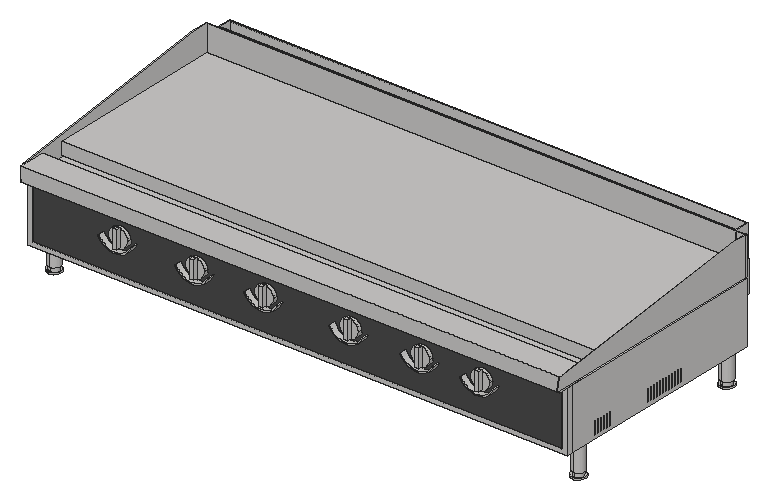
Revit family "QF_Vollrath_972GGM", category Specialty Equipment, Revit 2016 (continued)
Automatic sketch dimensions
  Sweep 67 sketch curve to profile plane = 0.00"
  Sweep 67 sketch curve to Sweep 67 sketch curve = 0.14592"
  Sweep 67 sketch curve to Sweep 67 sketch curve = 0.83484"
  Extrusion 78 sketch curve to Extrusion 78 sketch curve = 1.25"
  Extrusion 79 sketch curve to Extrusion 79 sketch curve = 0.55267"
  profile plane to Sweep 80 sketch curve = 0.00"
  Sweep 80 sketch curve to profile plane = 0.00"
  Sweep 80 sketch curve to Sweep 80 sketch curve = 0.14592"
  Sweep 80 sketch curve to Sweep 80 sketch curve = 0.83484"
  Extrusion 90 sketch curve to Extrusion 90 sketch curve = 1.25"
  Extrusion 91 sketch curve to Extrusion 91 sketch curve = 0.55267"
  Sweep 92 sketch curve to Sweep 92 sketch curve = 2.25"  (x2)
  profile plane to Sweep 92 sketch curve = 0.00"
  Sweep 92 sketch curve to profile plane = 0.00"
  Sweep 92 sketch curve to Sweep 92 sketch curve = 0.14592"
  Sweep 92 sketch curve to Sweep 92 sketch curve = 0.83484"
  Extrusion 28 sketch curve to Extrusion 28 sketch curve = 2.42552"
  Extrusion 30 sketch curve to Extrusion 30 sketch curve = 2.42552"
  Sweep 66 sketch curve to Sweep 66 sketch curve = 2.25"  (x2)
  Sweep 66 sketch curve to Sweep 66 sketch curve = 1.04671"
  Sweep 67 sketch curve to Sweep 67 sketch curve = 1.04671"
  Extrusion 79 sketch curve to Extrusion 79 sketch curve = 2.42552"
  Sweep 80 sketch curve to Sweep 80 sketch curve = 2.25"  (x2)
  Sweep 80 sketch curve to Sweep 80 sketch curve = 1.04671"
  Extrusion 91 sketch curve to Extrusion 91 sketch curve = 2.42552"
  Sweep 92 sketch curve to Sweep 92 sketch curve = 1.04671"
  Extrusion 93 sketch curve to Extrusion 93 sketch curve = 1.25"
  Extrusion 94 sketch curve to Extrusion 94 sketch curve = 0.55267"
  Extrusion 95 sketch curve to Extrusion 95 sketch curve = 1.25"
  Extrusion 96 sketch curve to Extrusion 96 sketch curve = 0.55267"
  profile plane to Sweep 97 sketch curve = 0.00"
  Sweep 97 sketch curve to profile plane = 0.00"
  Sweep 97 sketch curve to profile plane = 0.14592"
  Sweep 97 sketch curve to Sweep 97 sketch curve = 0.83484"
  Sweep 98 sketch curve to Sweep 98 sketch curve = 2.25"  (x2)
  profile plane to Sweep 98 sketch curve = 0.00"
  Sweep 98 sketch curve to profile plane = 0.00"
  Sweep 98 sketch curve to Sweep 98 sketch curve = 0.14592"
  Sweep 98 sketch curve to Sweep 98 sketch curve = 0.83484"
  Extrusion 99 sketch curve to Extrusion 99 sketch curve = 1.25"
  Extrusion 100 sketch curve to Extrusion 100 sketch curve = 0.55267"
  profile plane to Sweep 101 sketch curve = 0.00"
  Sweep 101 sketch curve to profile plane = 0.00"
  Sweep 101 sketch curve to Sweep 101 sketch curve = 0.14592"
  Sweep 101 sketch curve to Sweep 101 sketch curve = 0.83484"
  Extrusion 102 sketch curve to Extrusion 102 sketch curve = 1.25"
  Extrusion 103 sketch curve to Extrusion 103 sketch curve = 0.55267"
  Sweep 104 sketch curve to Sweep 104 sketch curve = 2.25"  (x2)
  profile plane to Sweep 104 sketch curve = 0.00"
  Sweep 104 sketch curve to profile plane = 0.00"
  Sweep 104 sketch curve to Sweep 104 sketch curve = 0.14592"
  Sweep 104 sketch curve to Sweep 104 sketch curve = 0.83484"
  Extrusion 94 sketch curve to Extrusion 94 sketch curve = 2.42552"
  Extrusion 96 sketch curve to Extrusion 96 sketch curve = 2.42552"
  Sweep 97 sketch curve to Sweep 97 sketch curve = 2.25"  (x2)
  Sweep 97 sketch curve to Sweep 97 sketch curve = 1.04671"
  Sweep 98 sketch curve to Sweep 98 sketch curve = 1.04671"
  Extrusion 100 sketch curve to Extrusion 100 sketch curve = 2.42552"
  Sweep 101 sketch curve to Sweep 101 sketch curve = 2.25"  (x2)
  Sweep 101 sketch curve to Sweep 101 sketch curve = 1.04671"
  Extrusion 103 sketch curve to Extrusion 103 sketch curve = 2.42552"
  Sweep 104 sketch curve to Sweep 104 sketch curve = 1.04671"
  Extrusion 27 sketch curve to Extrusion 27 sketch curve = 0.00"  (x2)
  Extrusion 29 sketch curve to Extrusion 29 sketch curve = 0.00"  (x2)
  Extrusion 78 sketch curve to Extrusion 78 sketch curve = 0.00"  (x2)
  Extrusion 90 sketch curve to Extrusion 90 sketch curve = 0.00"  (x2)
  Extrusion 93 sketch curve to Extrusion 93 sketch curve = 0.00"  (x2)
  Extrusion 95 sketch curve to Extrusion 95 sketch curve = 0.00"  (x2)
  Extrusion 99 sketch curve to Extrusion 99 sketch curve = 0.00"  (x2)
  Extrusion 102 sketch curve to Extrusion 102 sketch curve = 0.00"  (x2)
  Extrusion 105 sketch curve to Extrusion 105 sketch curve = 0.00"  (x2)
  Extrusion 105 sketch curve to Extrusion 105 sketch curve = 1.25"
  Extrusion 106 sketch curve to Extrusion 106 sketch curve = 0.55267"
  Extrusion 106 sketch curve to Extrusion 106 sketch curve = 2.42552"
  Sweep 107 sketch curve to Sweep 107 sketch curve = 2.25"  (x2)
  Sweep 107 sketch curve to Sweep 107 sketch curve = 1.04671"
  profile plane to Sweep 107 sketch curve = 0.00"
  Sweep 107 sketch curve to profile plane = 0.00"
  Sweep 107 sketch curve to profile plane = 0.14592"
  Sweep 107 sketch curve to Sweep 107 sketch curve = 0.83484"
  plane 14 to Extrusion 1 sketch curve = 1.00"
  Extrusion 1 sketch curve to plane 13 = 3.875"
  plane 14 to Extrusion 2 sketch curve = 1.00"
  Extrusion 2 sketch curve to plane 13 = 3.875"
  plane 14 to Extrusion 3 sketch curve = 1.00"
  Extrusion 3 sketch curve to plane 13 = 3.875"
  Extrusion 10 sketch curve to plane 24 = 0.87"
  plane 14 to Extrusion 10 sketch curve = 1.00"
  Extrusion 11 sketch curve to plane 24 = 0.87"
  plane 14 to Extrusion 11 sketch curve = 1.00"
  Extrusion 12 sketch curve to plane 24 = 0.87"
  plane 14 to Extrusion 12 sketch curve = 1.00"
  Extrusion 14 sketch curve to plane 10 = 0.00"
  Extrusion 14 sketch curve to plane 6 "Top of Legs" = 0.00"
  plane 14 to Extrusion 14 sketch curve = 2.875"
  Extrusion 14 sketch curve to plane 31 = 0.90959"
  Extrusion 15 sketch curve to plane 3 "LEFT CLEARANCE" = 0.00"
  plane 23 "FRONT" to Extrusion 15 sketch curve = 0.00"
  Extrusion 15 sketch curve to plane 5 "BACK CLEARANCE" = 0.00"
  Extrusion 15 sketch curve to plane 7 "LEFT" = 0.00"
  Extrusion 25 sketch curve to plane 34 = 0.11197"  (x43)
  plane 25 to Extrusion 25 sketch curve = 1.02258"
  Extrusion 25 sketch curve to Extrusion 25 sketch curve = 0.25"  (x77)
  plane 25 to Extrusion 25 sketch curve = 0.02258"
  Extrusion 25 sketch curve to plane 25 = 0.22742"
  Extrusion 25 sketch curve to Extrusion 25 sketch curve = 0.20905"  (x6)
  plane 12 to Extrusion 25 sketch curve = 0.74738"
  Extrusion 25 sketch curve to Extrusion 25 sketch curve = 0.00"  (x42)
  Extrusion 26 sketch curve to plane 34 = 0.11197"  (x43)
  plane 25 to Extrusion 26 sketch curve = 1.02258"
  Extrusion 26 sketch curve to Extrusion 26 sketch curve = 0.25"  (x76)
  plane 25 to Extrusion 26 sketch curve = 0.02258"
  Extrusion 26 sketch curve to plane 25 = 0.22742"
  Extrusion 26 sketch curve to Extrusion 26 sketch curve = 0.20905"  (x7)
  plane 12 to Extrusion 26 sketch curve = 0.74738"
  Extrusion 26 sketch curve to Extrusion 26 sketch curve = 0.00"  (x42)
  plane 24 to Extrusion 77 sketch curve = 1.44225"
  Extrusion 77 sketch curve to plane 25 = 4.18647"
  plane 27 to Extrusion 4 sketch curve = 0.25247"
  Extrusion 4 sketch curve to plane 13 = 3.875"
  plane 27 to Extrusion 5 sketch curve = 0.25247"
  Extrusion 5 sketch curve to plane 13 = 3.875"
  plane 27 to Extrusion 6 sketch curve = 0.25247"
  Extrusion 6 sketch curve to plane 13 = 3.875"
  plane 27 to Extrusion 7 sketch curve = 0.25247"
  Extrusion 7 sketch curve to plane 24 = 0.87"
  plane 27 to Extrusion 8 sketch curve = 0.25247"
  Extrusion 8 sketch curve to plane 24 = 0.87"
  plane 27 to Extrusion 9 sketch curve = 0.25247"
  Extrusion 9 sketch curve to plane 24 = 0.87"
  Extrusion 18 sketch curve to plane 30 = 6.50"
  Extrusion 21 sketch curve to Extrusion 21 sketch curve = 0.69334"
  Extrusion 21 sketch curve to Extrusion 21 sketch curve = 70.55913"
  Extrusion 21 sketch curve to Extrusion 21 sketch curve = 0.74753"
  Extrusion 21 sketch curve to Extrusion 21 sketch curve = 0.59949"
  Extrusion 21 sketch curve to Extrusion 21 sketch curve = 6.90051"
  Extrusion 21 sketch curve to Extrusion 21 sketch curve = 0.56"
  Extrusion 24 sketch curve to Extrusion 24 sketch curve = 0.00"  (x16)
  Extrusion 24 sketch curve to Extrusion 24 sketch curve = 10.4824"
  Extrusion 24 sketch curve to Extrusion 24 sketch curve = 1.25"  (x6)
  Extrusion 24 sketch curve to Extrusion 24 sketch curve = 7.75"
  Extrusion 24 sketch curve to Extrusion 24 sketch curve = 6.75"
  Extrusion 24 sketch curve to Extrusion 24 sketch curve = 8.75666"
  Extrusion 24 sketch curve to Extrusion 24 sketch curve = 7.00"
  Extrusion 24 sketch curve to Extrusion 24 sketch curve = 5.49334"
  Extrusion 24 sketch curve to Extrusion 24 sketch curve = 9.32673"
  Extrusion 24 sketch curve to Extrusion 24 sketch curve = 4.76279"  (x2)
  Extrusion 24 sketch curve to Extrusion 24 sketch curve = 6.90051"
  curve 12 to plane 17 = 0.00"
  plane 17 to curve 20 = 0.00"
  curve 10 to plane 8 "RIGHT" = 0.00"
  plane 23 "FRONT" to curve 10 = 0.00"
  curve 5 to plane 4 "RIGHT CLEARANCE" = 0.00"
  curve 1 to plane 3 "LEFT CLEARANCE" = 0.00"
  curve 9 to plane 7 "LEFT" = 0.00"
  plane 24 to curve 9 = 0.00"
  plane 25 to curve 14 = 0.00"
  curve 6 to plane 8 "RIGHT" = 0.00"
  plane 9 "BACK" to curve 15 = 0.00"
  plane 5 "BACK CLEARANCE" to curve 4 = 0.00"
  curve 3 to plane 8 "RIGHT" = 0.00"
  curve 2 to plane 7 "LEFT" = 0.00"
  curve 10 to plane 7 "LEFT" = 0.00"
  plane 24 to curve 5 = 1.38"
  plane 24 to curve 1 = 1.38"
  curve 6 to plane 13 = 1.875"
  curve 11 to plane 31 = 0.90"
  plane 14 to curve 17 = 1.375"
  Extrusion 13 sketch curve to plane 7 "LEFT" = 0.00"
  Extrusion 13 sketch curve to plane 8 "RIGHT" = 0.00"
  plane 24 to Extrusion 13 sketch curve = 1.42599"
  Extrusion 13 sketch curve to plane 13 = 1.875"
  Extrusion 16 sketch curve to plane 8 "RIGHT" = 0.00"
  plane 23 "FRONT" to Extrusion 16 sketch curve = 0.00"
  plane 5 "BACK CLEARANCE" to Extrusion 16 sketch curve = 0.00"
  Extrusion 16 sketch curve to plane 4 "RIGHT CLEARANCE" = 0.00"
  Extrusion 17 sketch curve to plane 7 "LEFT" = 0.00"
  Extrusion 17 sketch curve to plane 9 "BACK" = 0.00"
  Extrusion 17 sketch curve to plane 5 "BACK CLEARANCE" = 0.00"
  Extrusion 17 sketch curve to plane 8 "RIGHT" = 0.00"
  Extrusion 19 sketch curve to plane 15 "Grease Trap" = 0.32259"
  Extrusion 19 sketch curve to plane 16 "TOP" = 0.00"
  plane 23 "FRONT" to Extrusion 19 sketch curve = 0.00644"
  Extrusion 19 sketch curve to plane 22 = 0.08098"
  Extrusion 19 sketch curve to plane 23 "FRONT" = 0.38929"
  Extrusion 19 sketch curve to plane 13 = 3.89513"
  Extrusion 19 sketch curve to plane 13 = 1.875"
  Extrusion 20 sketch curve to plane 15 "Grease Trap" = 0.32259"
  Extrusion 20 sketch curve to plane 23 "FRONT" = 0.00"
  Extrusion 20 sketch curve to plane 22 = 0.00"
  Extrusion 20 sketch curve to plane 24 = 0.00"
  Extrusion 22 sketch curve to plane 15 "Grease Trap" = 0.00"
  Extrusion 22 sketch curve to plane 16 "TOP" = 0.00"
  plane 23 "FRONT" to Extrusion 22 sketch curve = 0.41648"
  plane 23 "FRONT" to Extrusion 22 sketch curve = 0.04007"
  Extrusion 22 sketch curve to plane 13 = 3.72856"
  Extrusion 22 sketch curve to plane 13 = 1.875"
  Extrusion 22 sketch curve to plane 22 = 0.15633"
  Extrusion 23 sketch curve to plane 15 "Grease Trap" = 0.00"
  Extrusion 23 sketch curve to plane 16 "TOP" = 0.00"
  Extrusion 23 sketch curve to plane 13 = 2.00"
  Extrusion 23 sketch curve to Extrusion 23 sketch curve = 0.125"
  Extrusion 68 sketch curve to plane 29 = 0.00"
  plane 13 to Extrusion 68 sketch curve = 0.00"
  Extrusion 68 sketch curve to plane 9 "BACK" = 0.00"
  Extrusion 68 sketch curve to plane 13 = 1.73189"
  Extrusion 68 sketch curve to Extrusion 68 sketch curve = 0.14311"
  plane 29 to Extrusion 68 sketch curve = 0.15725"
  plane 14 to Extrusion 68 sketch curve = 1.49734"
  Extrusion 68 sketch curve to Extrusion 68 sketch curve = 0.12234"
  Extrusion 69 sketch curve to plane 29 = 0.00"
  Extrusion 69 sketch curve to plane 9 "BACK" = 0.00"
  Extrusion 69 sketch curve to plane 13 = 1.875"
  plane 14 to Extrusion 69 sketch curve = 1.375"
  Extrusion 70 sketch curve to plane 25 = 0.00"
  Extrusion 70 sketch curve to plane 13 = 2.00"
  Extrusion 113 sketch curve to plane 10 = 0.00"
  Extrusion 113 sketch curve to plane 6 "Top of Legs" = 0.00"
  plane 29 to Extrusion 113 sketch curve = 9.65725"
  plane 29 to Extrusion 113 sketch curve = 1.56684"
  Extrusion 114 sketch curve to plane 11 = 0.00"
  plane 24 to Extrusion 114 sketch curve = 1.44225"
  Extrusion 114 sketch curve to plane 25 = 4.18647"
  plane 25 to curve 28 = 0.00"
  plane 25 to curve 21 = 0.00"
  plane 25 to curve 22 = 0.00"
  plane 25 to curve 23 = 0.00"
  plane 25 to curve 24 = 0.00"
  plane 25 to curve 27 = 0.00"
  plane 24 to curve 23 = 0.00"
  plane 24 to curve 26 = 0.00"
  plane 24 to curve 27 = 0.00"
  plane 24 to curve 24 = 0.00"
  plane 24 to curve 25 = 0.00"
  plane 24 to curve 28 = 0.00"
  plane 14 to curve 21 = 2.875"
  curve 21 to curve 26 = 4.09041"
  plane 29 to curve 27 = 5.65725"
  curve 23 to curve 27 = 0.00"
  plane 29 to curve 24 = 1.53225"
  curve 28 to curve 24 = 0.00"
  Extrusion 115 sketch curve to Extrusion 115 sketch curve = 0.00"  (x2)
  Extrusion 115 sketch curve to Extrusion 115 sketch curve = 1.25"
  Extrusion 116 sketch curve to Extrusion 116 sketch curve = 0.55267"
  Extrusion 116 sketch curve to Extrusion 116 sketch curve = 2.42552"
  Sweep 117 sketch curve to Sweep 117 sketch curve = 2.25"  (x2)
  Sweep 117 sketch curve to Sweep 117 sketch curve = 1.04671"
  profile plane to Sweep 117 sketch curve = 0.00"
  Sweep 117 sketch curve to profile plane = 0.00"
  Sweep 117 sketch curve to Sweep 117 sketch curve = 0.14592"
  Sweep 117 sketch curve to Sweep 117 sketch curve = 0.83484"
  Extrusion 111 sketch curve to Extrusion 111 sketch curve = 0.69334"
  Extrusion 111 sketch curve to Extrusion 111 sketch curve = 70.55913"
  Extrusion 111 sketch curve to Extrusion 111 sketch curve = 0.74753"
  Extrusion 111 sketch curve to Extrusion 111 sketch curve = 0.59949"
  Extrusion 111 sketch curve to Extrusion 111 sketch curve = 6.90051"
  Extrusion 111 sketch curve to Extrusion 111 sketch curve = 0.56"
  Extrusion 112 sketch curve to Extrusion 112 sketch curve = 0.00"  (x16)
  Extrusion 112 sketch curve to Extrusion 112 sketch curve = 10.4824"
  Extrusion 112 sketch curve to Extrusion 112 sketch curve = 1.25"  (x6)
  Extrusion 112 sketch curve to Extrusion 112 sketch curve = 7.75"
  Extrusion 112 sketch curve to Extrusion 112 sketch curve = 6.75"
  Extrusion 112 sketch curve to Extrusion 112 sketch curve = 8.75666"
  Extrusion 112 sketch curve to Extrusion 112 sketch curve = 7.00"
  Extrusion 112 sketch curve to Extrusion 112 sketch curve = 5.49334"
  Extrusion 112 sketch curve to Extrusion 112 sketch curve = 9.32673"
  Extrusion 112 sketch curve to Extrusion 112 sketch curve = 4.76279"  (x2)
  Extrusion 112 sketch curve to Extrusion 112 sketch curve = 6.90051"
  radius of Extrusion 31 sketch curve = 0.25"
  radius of Extrusion 32 sketch curve = 0.25"
  radius of Extrusion 33 sketch curve = 0.25"
  radius of Extrusion 34 sketch curve = 0.25"
  radius of Extrusion 35 sketch curve = 0.25"
  radius of Extrusion 36 sketch curve = 0.25"
  radius of Extrusion 37 sketch curve = 0.25"
  radius of Extrusion 38 sketch curve = 0.25"
  radius of Extrusion 39 sketch curve = 0.25"
  radius of Extrusion 40 sketch curve = 0.25"
  radius of Extrusion 41 sketch curve = 0.25"
  radius of Extrusion 42 sketch curve = 0.25"
  radius of Extrusion 43 sketch curve = 0.25"
  radius of Extrusion 44 sketch curve = 0.25"
  radius of Extrusion 45 sketch curve = 0.25"
  radius of Extrusion 46 sketch curve = 0.25"
  radius of Extrusion 47 sketch curve = 0.25"
  radius of Extrusion 48 sketch curve = 0.25"
  radius of Extrusion 49 sketch curve = 0.25"
  radius of Extrusion 50 sketch curve = 0.25"
  radius of Extrusion 51 sketch curve = 0.25"
  radius of Extrusion 52 sketch curve = 0.25"
  radius of Extrusion 53 sketch curve = 0.25"
  radius of Extrusion 54 sketch curve = 0.25"
  radius of Extrusion 55 sketch curve = 0.25"
  radius of Extrusion 56 sketch curve = 0.25"
  radius of Extrusion 57 sketch curve = 0.25"
  radius of Extrusion 58 sketch curve = 0.25"
  radius of Extrusion 59 sketch curve = 0.25"
  radius of Extrusion 60 sketch curve = 0.25"
  radius of Extrusion 61 sketch curve = 0.25"
  radius of Extrusion 62 sketch curve = 0.25"
  radius of Extrusion 63 sketch curve = 0.25"
  radius of Extrusion 64 sketch curve = 0.25"
  radius of Extrusion 65 sketch curve = 0.25"
  radius of Extrusion 1 sketch curve = 0.9375"
  radius of Extrusion 2 sketch curve = 0.625"
  radius of Extrusion 3 sketch curve = 0.8125"
  radius of Extrusion 10 sketch curve = 0.9375"
  radius of Extrusion 11 sketch curve = 0.625"
  radius of Extrusion 12 sketch curve = 0.8125"
  radius of Extrusion 4 sketch curve = 0.9375"
  radius of Extrusion 5 sketch curve = 0.625"
  radius of Extrusion 6 sketch curve = 0.8125"
  radius of Extrusion 7 sketch curve = 0.9375"
  radius of Extrusion 8 sketch curve = 0.625"
  radius of Extrusion 9 sketch curve = 0.8125"
  radius of Extrusion 18 sketch curve = 0.375"
Connectors (in)
  piping at (17.77924, -0.5, 31.5), diameter 0.75
    settings: on Extrusion 18, index 1, connector inside diameter 3/4", connector length 0.00", flow factor 0, pipe flow 0 GPM, pressure drop 0.00 psi, fitting loss kfactor 0, connector angle 0.00°, fixture units 0, engagement length 0.00", angle of deflection 0.00°, flow configuration 1, flow direction 1, fitting loss method 0, system type 22, joint type 0, gender type 0, connector reference index -1, connector utility 0, adjustable connector no, is connector primary yes, connector description "Gas Connection"
